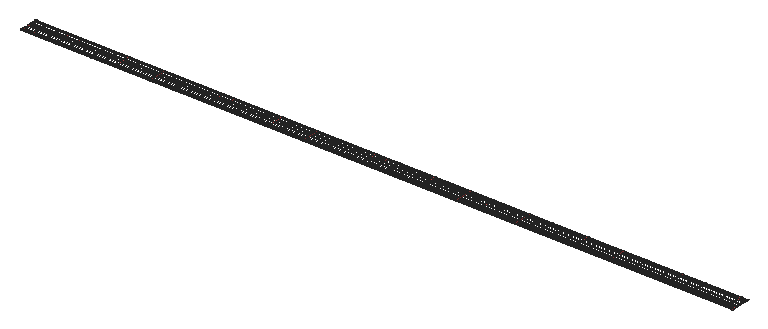
Revit family "Murfor Compact I-50 Masonry Reinforcement", category Specialty Equipment, Revit 2018
Family settings
  Round Connector Dimension = Use Diameter
  Part Type = Normal
  Work Plane-Based = No
  Always vertical = Yes
  Cut with Voids When Loaded = No
  Shared = No
  Room Calculation Point = No
Parameters (values of type "Murfor Compact I-50")
  Z = 51.5 mm
  Youngs Modulus - Gpa = 180
  Yield Strength - Mpa = 1770
  Y [instance] = X / 2  # 30
  X [instance] = Length L / Step c - 1  # 60
  Width - w = 50 mm
  Weight kg/ roll = "1.40kg per roll"
  URL = "https://www.bekaert.com/en/"
  Type Image = Murfor Compact I-50.PNG
  Type Comments = "A mesh consisting of 7 steel chords"
  Thickness - e = 1.8 mm
  Strain Agt = 2.2
  Step c = 33 mm
  Steel Section Total = 4.8 mm
  Pitch (short) - a = 7.5 mm
  Pitch (long) - b = 10 mm
  Material Coating Reference EN845-3 = "R20"
  Material = Murfor Galvanized Steel
  Manufacturer = "Bekaert"
  Longtidinal Cord = 0.7 mm
  Length L [instance] = 2000 mm
  Keynote = "Suitable for all mortar joints with thickness between 3mm & 12mm"
  Description = "Compact masonry reinforcement, steel chords on interwoven fibreglass roving"
  Datasheet = "https://www.bekaert.com/en/product-catalog/content/datasheets/Murfor-Compact"
  Application = "Murfor Compact I-50, made of Galvanized Steel, is suitable for masonry (clay bricks, concrete blocks) exposed to a dry environment (exposure class MX1, compliant with Eurocode 6?EN845-3)"
Reference planes
  plane 1 "Center (Front/Back)": y = 0
  plane 2: z = 0
  plane 3 "Center (Left/Right)": x = 0
  plane 4 "Center L/S": x = 2000
  plane 5 "Center L/T": y = 50
  plane 6 "Center L/U": y = 7.5
  plane 7 "Center L/V": y = 15
  plane 8 "Center L/W": y = 25
  plane 9 "Center L/X": y = 35
  plane 10 "Center L/Y": y = 42.5
  plane 11 "Center L/Z": y = -1.8
  plane 12 "Center L/AA": y = 51.8
  plane 13: z = 0.875
Lines and regions (mm)
  symbolic lines, style "Masonry Reinforcement"
    curve 1: line (0, 51.8, 0) -> (2000, 51.8, 0)
    curve 2: line (0, -1.8, 0) -> (0, 51.8, 0)
    curve 3: line (2000, -1.8, 0) -> (0, -1.8, 0)
    curve 4: line (2000, 51.8, 0) -> (2000, -1.8, 0)
    curve 5: line (0, 35, 0) -> (2000, 35, 0)
    curve 6: line (0, 25, 0) -> (2000, 25, 0)
    curve 7: line (0, 15, 0) -> (2000, 15, 0)
  symbolic lines
    curve 8: line (0, 0, 0) -> (33, 50.985, 0)
    curve 9: line (33, 50.985, 0) -> (66, -0.515, 0)
    curve 12: line (66, 0, 0) -> (99, 50.985, 0)
    curve 13: line (99, 50.985, 0) -> (132, -0.515, 0)
    curve 14: line (132, 0, 0) -> (165, 50.985, 0)
    curve 15: line (165, 50.985, 0) -> (198, -0.515, 0)
    curve 16: line (198, 0, 0) -> (231, 50.985, 0)
    curve 17: line (231, 50.985, 0) -> (264, -0.515, 0)
    curve 18: line (264, 0, 0) -> (297, 50.985, 0)
    curve 19: line (297, 50.985, 0) -> (330, -0.515, 0)
    curve 20: line (330, 0, 0) -> (363, 50.985, 0)
    curve 21: line (363, 50.985, 0) -> (396, -0.515, 0)
    curve 22: line (396, 0, 0) -> (429, 50.985, 0)
    curve 23: line (429, 50.985, 0) -> (462, -0.515, 0)
    curve 24: line (462, 0, 0) -> (495, 50.985, 0)
    curve 25: line (495, 50.985, 0) -> (528, -0.515, 0)
    curve 26: line (528, 0, 0) -> (561, 50.985, 0)
    curve 27: line (561, 50.985, 0) -> (594, -0.515, 0)
    curve 28: line (594, 0, 0) -> (627, 50.985, 0)
    curve 29: line (627, 50.985, 0) -> (660, -0.515, 0)
    curve 30: line (660, 0, 0) -> (693, 50.985, 0)
    curve 31: line (693, 50.985, 0) -> (726, -0.515, 0)
    curve 32: line (726, 0, 0) -> (759, 50.985, 0)
    curve 33: line (759, 50.985, 0) -> (792, -0.515, 0)
    curve 34: line (792, 0, 0) -> (825, 50.985, 0)
    curve 35: line (825, 50.985, 0) -> (858, -0.515, 0)
    curve 36: line (858, 0, 0) -> (891, 50.985, 0)
    curve 37: line (891, 50.985, 0) -> (924, -0.515, 0)
    curve 38: line (924, 0, 0) -> (957, 50.985, 0)
    curve 39: line (957, 50.985, 0) -> (990, -0.515, 0)
    curve 40: line (990, 0, 0) -> (1023, 50.985, 0)
    curve 41: line (1023, 50.985, 0) -> (1056, -0.515, 0)
    curve 42: line (1056, 0, 0) -> (1089, 50.985, 0)
    curve 43: line (1089, 50.985, 0) -> (1122, -0.515, 0)
    curve 44: line (1122, 0, 0) -> (1155, 50.985, 0)
    curve 45: line (1155, 50.985, 0) -> (1188, -0.515, 0)
    curve 46: line (1188, 0, 0) -> (1221, 50.985, 0)
    curve 47: line (1221, 50.985, 0) -> (1254, -0.515, 0)
    curve 48: line (1254, 0, 0) -> (1287, 50.985, 0)
    curve 49: line (1287, 50.985, 0) -> (1320, -0.515, 0)
    curve 50: line (1320, 0, 0) -> (1353, 50.985, 0)
    curve 51: line (1353, 50.985, 0) -> (1386, -0.515, 0)
    curve 52: line (1386, 0, 0) -> (1419, 50.985, 0)
    curve 53: line (1419, 50.985, 0) -> (1452, -0.515, 0)
    curve 54: line (1452, 0, 0) -> (1485, 50.985, 0)
    curve 55: line (1485, 50.985, 0) -> (1518, -0.515, 0)
    curve 56: line (1518, 0, 0) -> (1551, 50.985, 0)
    curve 57: line (1551, 50.985, 0) -> (1584, -0.515, 0)
    curve 58: line (1584, 0, 0) -> (1617, 50.985, 0)
    curve 59: line (1617, 50.985, 0) -> (1650, -0.515, 0)
    curve 60: line (1650, 0, 0) -> (1683, 50.985, 0)
    curve 61: line (1683, 50.985, 0) -> (1716, -0.515, 0)
    curve 62: line (1716, 0, 0) -> (1749, 50.985, 0)
    curve 63: line (1749, 50.985, 0) -> (1782, -0.515, 0)
    curve 64: line (1782, 0, 0) -> (1815, 50.985, 0)
    curve 65: line (1815, 50.985, 0) -> (1848, -0.515, 0)
    curve 66: line (1848, 0, 0) -> (1881, 50.985, 0)
    curve 67: line (1881, 50.985, 0) -> (1914, -0.515, 0)
    curve 68: line (1914, 0, 0) -> (1947, 50.985, 0)
    curve 69: line (1947, 50.985, 0) -> (1980, -0.515, 0)
  symbolic lines, not visible
    curve 10: line (0, 0, 0) -> (33, 50.985, 0)
    curve 11: line (33, 50.985, 0) -> (66, -0.515, 0)
Dimensions and locks
  "Length L": plane 3 "Center (Left/Right)" to plane 4 "Center L/S"
  plane 1 "Center (Front/Back)" to plane 5 "Center L/T" = 50 mm
  "Pitch (short) - a": plane 1 "Center (Front/Back)" to plane 6 "Center L/U"
  "Pitch (short) - a": plane 6 "Center L/U" to plane 7 "Center L/V"
  "Pitch (short) - a": plane 10 "Center L/Y" to plane 5 "Center L/T"
  "Pitch (short) - a": plane 9 "Center L/X" to plane 10 "Center L/Y"
  "Pitch (long) - b": plane 8 "Center L/W" to plane 9 "Center L/X"
  "Pitch (long) - b": plane 7 "Center L/V" to plane 8 "Center L/W"
  "Thickness - e": plane 5 "Center L/T" to plane 12 "Center L/AA"
  "Thickness - e": plane 11 "Center L/Z" to plane 1 "Center (Front/Back)"
  "Step c": plane 3 "Center (Left/Right)" to nested 8
  nested 8 to level = 0 mm
  equal spacing: group 1, group 3, group 4, group 5, group 6, group 7, group 8, group 9, group 10, group 11, group 12, group 13, group 14, group 15, group 16, group 17, group 18, group 19, group 20, group 21, group 22, group 23, group 24, group 25, group 26, group 27, group 28, group 29, group 30, group 31  (x3)
  equal spacing: group 32, group 33, group 34, group 35, group 36, group 37, group 38, group 39, group 40, group 41, group 42, group 43, group 44, group 45, group 46, group 47, group 48, group 49, group 50, group 51, group 52, group 53, group 54, group 55, group 56, group 57, group 58, group 59, group 60, group 61, group 62, group 63, group 64, group 65, group 66, group 67, group 68, group 69, group 70, group 71, group 72, group 73, group 74, group 75, group 76, group 77, group 78, group 79, group 80, group 81, group 82, group 83, group 84, group 85, group 86, group 87, group 88, group 89, group 90, group 91  (x3)
  aligned and locked: level to plane 2
  aligned and locked: plane 1 "Center (Front/Back)" to nested 1
  aligned and locked: plane 3 "Center (Left/Right)" to nested 1
  aligned and locked: plane 5 "Center L/T" to nested 6
  aligned and locked: plane 3 "Center (Left/Right)" to nested 6
  aligned and locked: plane 3 "Center (Left/Right)" to nested 5
  aligned and locked: plane 3 "Center (Left/Right)" to nested 7
  aligned and locked: plane 3 "Center (Left/Right)" to nested 4
  aligned and locked: plane 3 "Center (Left/Right)" to nested 3
  aligned and locked: plane 3 "Center (Left/Right)" to nested 2
  aligned and locked: nested 1 to plane 3 "Center (Left/Right)"
  aligned and locked: plane 6 "Center L/U" to nested 2
  aligned and locked: plane 7 "Center L/V" to nested 3
  aligned and locked: plane 8 "Center L/W" to nested 4
  aligned and locked: plane 9 "Center L/X" to nested 7
  aligned and locked: plane 10 "Center L/Y" to nested 5
  aligned and locked: plane 4 "Center L/S" to nested 6
  aligned and locked: plane 4 "Center L/S" to nested 5
  aligned and locked: plane 4 "Center L/S" to nested 7
  aligned and locked: plane 4 "Center L/S" to nested 4
  aligned and locked: plane 4 "Center L/S" to nested 3
  aligned and locked: plane 4 "Center L/S" to nested 1
  aligned and locked: plane 4 "Center L/S" to nested 2
  aligned and locked: plane 12 "Center L/AA" to curve 1
  aligned and locked: plane 3 "Center (Left/Right)" to curve 2
  aligned and locked: curve 3 to plane 11 "Center L/Z"
  aligned and locked: curve 2 to curve 7
  aligned and locked: plane 4 "Center L/S" to curve 7
Automatic sketch dimensions
  plane 7 "Center L/V" to curve 7 = 0 mm
  plane 8 "Center L/W" to curve 6 = 0 mm
  plane 9 "Center L/X" to curve 5 = 0 mm
  curve 8 to curve 9 = 33 mm  (x2)
  curve 9 to curve 8 = 0.515 mm
  curve 8 to curve 9 = 50.985 mm
  curve 10 to curve 11 = 33 mm  (x2)
  curve 11 to curve 10 = 0.515 mm
  curve 10 to curve 11 = 50.985 mm
  curve 12 to curve 13 = 33 mm  (x2)
  curve 13 to curve 12 = 0.515 mm
  curve 12 to curve 13 = 50.985 mm
  curve 14 to curve 15 = 33 mm  (x2)
  curve 15 to curve 14 = 0.515 mm
  curve 14 to curve 15 = 50.985 mm
  curve 16 to curve 17 = 33 mm  (x2)
  curve 17 to curve 16 = 0.515 mm
  curve 16 to curve 17 = 50.985 mm
  curve 18 to curve 19 = 33 mm  (x2)
  curve 19 to curve 18 = 0.515 mm
  curve 18 to curve 19 = 50.985 mm
  curve 20 to curve 21 = 33 mm  (x2)
  curve 21 to curve 20 = 0.515 mm
  curve 20 to curve 21 = 50.985 mm
  curve 22 to curve 23 = 33 mm  (x2)
  curve 23 to curve 22 = 0.515 mm
  curve 22 to curve 23 = 50.985 mm
  curve 24 to curve 25 = 33 mm  (x2)
  curve 25 to curve 24 = 0.515 mm
  curve 24 to curve 25 = 50.985 mm
  curve 26 to curve 27 = 33 mm  (x2)
  curve 27 to curve 26 = 0.515 mm
  curve 26 to curve 27 = 50.985 mm
  curve 28 to curve 29 = 33 mm  (x2)
  curve 29 to curve 28 = 0.515 mm
  curve 28 to curve 29 = 50.985 mm
  curve 30 to curve 31 = 33 mm  (x2)
  curve 31 to curve 30 = 0.515 mm
  curve 30 to curve 31 = 50.985 mm
  curve 32 to curve 33 = 33 mm  (x2)
  curve 33 to curve 32 = 0.515 mm
  curve 32 to curve 33 = 50.985 mm
  curve 34 to curve 35 = 33 mm  (x2)
  curve 35 to curve 34 = 0.515 mm
  curve 34 to curve 35 = 50.985 mm
  curve 36 to curve 37 = 33 mm  (x2)
  curve 37 to curve 36 = 0.515 mm
  curve 36 to curve 37 = 50.985 mm
  curve 38 to curve 39 = 33 mm  (x2)
  curve 39 to curve 38 = 0.515 mm
  curve 38 to curve 39 = 50.985 mm
  curve 40 to curve 41 = 33 mm  (x2)
  curve 41 to curve 40 = 0.515 mm
  curve 40 to curve 41 = 50.985 mm
  curve 42 to curve 43 = 33 mm  (x2)
  curve 43 to curve 42 = 0.515 mm
  curve 42 to curve 43 = 50.985 mm
  curve 44 to curve 45 = 33 mm  (x2)
  curve 45 to curve 44 = 0.515 mm
  curve 44 to curve 45 = 50.985 mm
  curve 46 to curve 47 = 33 mm  (x2)
  curve 47 to curve 46 = 0.515 mm
  curve 46 to curve 47 = 50.985 mm
  curve 48 to curve 49 = 33 mm  (x2)
  curve 49 to curve 48 = 0.515 mm
  curve 48 to curve 49 = 50.985 mm
  curve 50 to curve 51 = 33 mm  (x2)
  curve 51 to curve 50 = 0.515 mm
  curve 50 to curve 51 = 50.985 mm
  curve 52 to curve 53 = 33 mm  (x2)
  curve 53 to curve 52 = 0.515 mm
  curve 52 to curve 53 = 50.985 mm
  curve 54 to curve 55 = 33 mm  (x2)
  curve 55 to curve 54 = 0.515 mm
  curve 54 to curve 55 = 50.985 mm
  curve 56 to curve 57 = 33 mm  (x2)
  curve 57 to curve 56 = 0.515 mm
  curve 56 to curve 57 = 50.985 mm
  curve 58 to curve 59 = 33 mm  (x2)
  curve 59 to curve 58 = 0.515 mm
  curve 58 to curve 59 = 50.985 mm
  curve 60 to curve 61 = 33 mm  (x2)
  curve 61 to curve 60 = 0.515 mm
  curve 60 to curve 61 = 50.985 mm
  curve 62 to curve 63 = 33 mm  (x2)
  curve 63 to curve 62 = 0.515 mm
  curve 62 to curve 63 = 50.985 mm
  curve 64 to curve 65 = 33 mm  (x2)
  curve 65 to curve 64 = 0.515 mm
  curve 64 to curve 65 = 50.985 mm
  curve 66 to curve 67 = 33 mm  (x2)
  curve 67 to curve 66 = 0.515 mm
  curve 66 to curve 67 = 50.985 mm
  curve 68 to curve 69 = 33 mm  (x2)
  curve 69 to curve 68 = 0.515 mm
  curve 68 to curve 69 = 50.985 mm
Nested families
  nested 1: "Murfor Cord Section" at (0, 0, 0), Material <- "Material", type "Murfor Cord Section"
    with Material Murfor Galvanized Steel, Length 2000 mm
  nested 2: "Murfor Cord Section" at (0, 7.5, 0), Material <- "Material", type "Murfor Cord Section"
    with Material Murfor Galvanized Steel, Length 2000 mm
  nested 3: "Murfor Cord Section" at (0, 15, 0), Material <- "Material", type "Murfor Cord Section"
    with Material Murfor Galvanized Steel, Length 2000 mm
  nested 4: "Murfor Cord Section" at (0, 25, 0), Material <- "Material", type "Murfor Cord Section"
    with Material Murfor Galvanized Steel, Length 2000 mm
  nested 5: "Murfor Cord Section" at (0, 42.5, 0), Material <- "Material", type "Murfor Cord Section"
    with Material Murfor Galvanized Steel, Length 2000 mm
  nested 6: "Murfor Cord Section" at (0, 50, 0), Material <- "Material", type "Murfor Cord Section"
    with Material Murfor Galvanized Steel, Length 2000 mm
  nested 7: "Murfor Cord Section" at (0, 35, 0), Material <- "Material", type "Murfor Cord Section"
    with Material Murfor Galvanized Steel, Length 2000 mm
  nested 8: "Murfor Cord Section" at (33, -0.515, 0) x (0, 1, 0) z (0, 0, 1), Length <- "Z", type "Murfor Cord Cross Section"
    with Material Murfor Galvanized Steel, Length 51.5 mm
  nested 9: "Murfor Cord Section" at (66, -0.515, 0) x (0, 1, 0) z (0, 0, 1), Length <- "Z", type "Murfor Cord Cross Section"
    with Material Murfor Galvanized Steel, Length 51.5 mm
  nested 10: "Murfor Cord Section" at (99, -0.515, 0) x (0, 1, 0) z (0, 0, 1), Length <- "Z", type "Murfor Cord Cross Section"
    with Material Murfor Galvanized Steel, Length 51.5 mm
  nested 11: "Murfor Cord Section" at (132, -0.515, 0) x (0, 1, 0) z (0, 0, 1), Length <- "Z", type "Murfor Cord Cross Section"
    with Material Murfor Galvanized Steel, Length 51.5 mm
  nested 12: "Murfor Cord Section" at (165, -0.515, 0) x (0, 1, 0) z (0, 0, 1), Length <- "Z", type "Murfor Cord Cross Section"
    with Material Murfor Galvanized Steel, Length 51.5 mm
  nested 13: "Murfor Cord Section" at (198, -0.515, 0) x (0, 1, 0) z (0, 0, 1), Length <- "Z", type "Murfor Cord Cross Section"
    with Material Murfor Galvanized Steel, Length 51.5 mm
  nested 14: "Murfor Cord Section" at (231, -0.515, 0) x (0, 1, 0) z (0, 0, 1), Length <- "Z", type "Murfor Cord Cross Section"
    with Material Murfor Galvanized Steel, Length 51.5 mm
  nested 15: "Murfor Cord Section" at (264, -0.515, 0) x (0, 1, 0) z (0, 0, 1), Length <- "Z", type "Murfor Cord Cross Section"
    with Material Murfor Galvanized Steel, Length 51.5 mm
  nested 16: "Murfor Cord Section" at (297, -0.515, 0) x (0, 1, 0) z (0, 0, 1), Length <- "Z", type "Murfor Cord Cross Section"
    with Material Murfor Galvanized Steel, Length 51.5 mm
  nested 17: "Murfor Cord Section" at (330, -0.515, 0) x (0, 1, 0) z (0, 0, 1), Length <- "Z", type "Murfor Cord Cross Section"
    with Material Murfor Galvanized Steel, Length 51.5 mm
  nested 18: "Murfor Cord Section" at (363, -0.515, 0) x (0, 1, 0) z (0, 0, 1), Length <- "Z", type "Murfor Cord Cross Section"
    with Material Murfor Galvanized Steel, Length 51.5 mm
  nested 19: "Murfor Cord Section" at (396, -0.515, 0) x (0, 1, 0) z (0, 0, 1), Length <- "Z", type "Murfor Cord Cross Section"
    with Material Murfor Galvanized Steel, Length 51.5 mm
  nested 20: "Murfor Cord Section" at (429, -0.515, 0) x (0, 1, 0) z (0, 0, 1), Length <- "Z", type "Murfor Cord Cross Section"
    with Material Murfor Galvanized Steel, Length 51.5 mm
  nested 21: "Murfor Cord Section" at (462, -0.515, 0) x (0, 1, 0) z (0, 0, 1), Length <- "Z", type "Murfor Cord Cross Section"
    with Material Murfor Galvanized Steel, Length 51.5 mm
  nested 22: "Murfor Cord Section" at (495, -0.515, 0) x (0, 1, 0) z (0, 0, 1), Length <- "Z", type "Murfor Cord Cross Section"
    with Material Murfor Galvanized Steel, Length 51.5 mm
  nested 23: "Murfor Cord Section" at (528, -0.515, 0) x (0, 1, 0) z (0, 0, 1), Length <- "Z", type "Murfor Cord Cross Section"
    with Material Murfor Galvanized Steel, Length 51.5 mm
  nested 24: "Murfor Cord Section" at (561, -0.515, 0) x (0, 1, 0) z (0, 0, 1), Length <- "Z", type "Murfor Cord Cross Section"
    with Material Murfor Galvanized Steel, Length 51.5 mm
  nested 25: "Murfor Cord Section" at (594, -0.515, 0) x (0, 1, 0) z (0, 0, 1), Length <- "Z", type "Murfor Cord Cross Section"
    with Material Murfor Galvanized Steel, Length 51.5 mm
  nested 26: "Murfor Cord Section" at (627, -0.515, 0) x (0, 1, 0) z (0, 0, 1), Length <- "Z", type "Murfor Cord Cross Section"
    with Material Murfor Galvanized Steel, Length 51.5 mm
  nested 27: "Murfor Cord Section" at (660, -0.515, 0) x (0, 1, 0) z (0, 0, 1), Length <- "Z", type "Murfor Cord Cross Section"
    with Material Murfor Galvanized Steel, Length 51.5 mm
  nested 28: "Murfor Cord Section" at (693, -0.515, 0) x (0, 1, 0) z (0, 0, 1), Length <- "Z", type "Murfor Cord Cross Section"
    with Material Murfor Galvanized Steel, Length 51.5 mm
  nested 29: "Murfor Cord Section" at (726, -0.515, 0) x (0, 1, 0) z (0, 0, 1), Length <- "Z", type "Murfor Cord Cross Section"
    with Material Murfor Galvanized Steel, Length 51.5 mm
  nested 30: "Murfor Cord Section" at (759, -0.515, 0) x (0, 1, 0) z (0, 0, 1), Length <- "Z", type "Murfor Cord Cross Section"
    with Material Murfor Galvanized Steel, Length 51.5 mm
  nested 31: "Murfor Cord Section" at (792, -0.515, 0) x (0, 1, 0) z (0, 0, 1), Length <- "Z", type "Murfor Cord Cross Section"
    with Material Murfor Galvanized Steel, Length 51.5 mm
  nested 32: "Murfor Cord Section" at (825, -0.515, 0) x (0, 1, 0) z (0, 0, 1), Length <- "Z", type "Murfor Cord Cross Section"
    with Material Murfor Galvanized Steel, Length 51.5 mm
  nested 33: "Murfor Cord Section" at (858, -0.515, 0) x (0, 1, 0) z (0, 0, 1), Length <- "Z", type "Murfor Cord Cross Section"
    with Material Murfor Galvanized Steel, Length 51.5 mm
  nested 34: "Murfor Cord Section" at (891, -0.515, 0) x (0, 1, 0) z (0, 0, 1), Length <- "Z", type "Murfor Cord Cross Section"
    with Material Murfor Galvanized Steel, Length 51.5 mm
  nested 35: "Murfor Cord Section" at (924, -0.515, 0) x (0, 1, 0) z (0, 0, 1), Length <- "Z", type "Murfor Cord Cross Section"
    with Material Murfor Galvanized Steel, Length 51.5 mm
  nested 36: "Murfor Cord Section" at (957, -0.515, 0) x (0, 1, 0) z (0, 0, 1), Length <- "Z", type "Murfor Cord Cross Section"
    with Material Murfor Galvanized Steel, Length 51.5 mm
  nested 37: "Murfor Cord Section" at (990, -0.515, 0) x (0, 1, 0) z (0, 0, 1), Length <- "Z", type "Murfor Cord Cross Section"
    with Material Murfor Galvanized Steel, Length 51.5 mm
  nested 38: "Murfor Cord Section" at (1023, -0.515, 0) x (0, 1, 0) z (0, 0, 1), Length <- "Z", type "Murfor Cord Cross Section"
    with Material Murfor Galvanized Steel, Length 51.5 mm
  nested 39: "Murfor Cord Section" at (1056, -0.515, 0) x (0, 1, 0) z (0, 0, 1), Length <- "Z", type "Murfor Cord Cross Section"
    with Material Murfor Galvanized Steel, Length 51.5 mm
  nested 40: "Murfor Cord Section" at (1089, -0.515, 0) x (0, 1, 0) z (0, 0, 1), Length <- "Z", type "Murfor Cord Cross Section"
    with Material Murfor Galvanized Steel, Length 51.5 mm
  nested 41: "Murfor Cord Section" at (1122, -0.515, 0) x (0, 1, 0) z (0, 0, 1), Length <- "Z", type "Murfor Cord Cross Section"
    with Material Murfor Galvanized Steel, Length 51.5 mm
  nested 42: "Murfor Cord Section" at (1155, -0.515, 0) x (0, 1, 0) z (0, 0, 1), Length <- "Z", type "Murfor Cord Cross Section"
    with Material Murfor Galvanized Steel, Length 51.5 mm
  nested 43: "Murfor Cord Section" at (1188, -0.515, 0) x (0, 1, 0) z (0, 0, 1), Length <- "Z", type "Murfor Cord Cross Section"
    with Material Murfor Galvanized Steel, Length 51.5 mm
  nested 44: "Murfor Cord Section" at (1221, -0.515, 0) x (0, 1, 0) z (0, 0, 1), Length <- "Z", type "Murfor Cord Cross Section"
    with Material Murfor Galvanized Steel, Length 51.5 mm
  nested 45: "Murfor Cord Section" at (1254, -0.515, 0) x (0, 1, 0) z (0, 0, 1), Length <- "Z", type "Murfor Cord Cross Section"
    with Material Murfor Galvanized Steel, Length 51.5 mm
  nested 46: "Murfor Cord Section" at (1287, -0.515, 0) x (0, 1, 0) z (0, 0, 1), Length <- "Z", type "Murfor Cord Cross Section"
    with Material Murfor Galvanized Steel, Length 51.5 mm
  nested 47: "Murfor Cord Section" at (1320, -0.515, 0) x (0, 1, 0) z (0, 0, 1), Length <- "Z", type "Murfor Cord Cross Section"
    with Material Murfor Galvanized Steel, Length 51.5 mm
  nested 48: "Murfor Cord Section" at (1353, -0.515, 0) x (0, 1, 0) z (0, 0, 1), Length <- "Z", type "Murfor Cord Cross Section"
    with Material Murfor Galvanized Steel, Length 51.5 mm
  nested 49: "Murfor Cord Section" at (1386, -0.515, 0) x (0, 1, 0) z (0, 0, 1), Length <- "Z", type "Murfor Cord Cross Section"
    with Material Murfor Galvanized Steel, Length 51.5 mm
  nested 50: "Murfor Cord Section" at (1419, -0.515, 0) x (0, 1, 0) z (0, 0, 1), Length <- "Z", type "Murfor Cord Cross Section"
    with Material Murfor Galvanized Steel, Length 51.5 mm
  nested 51: "Murfor Cord Section" at (1452, -0.515, 0) x (0, 1, 0) z (0, 0, 1), Length <- "Z", type "Murfor Cord Cross Section"
    with Material Murfor Galvanized Steel, Length 51.5 mm
  nested 52: "Murfor Cord Section" at (1485, -0.515, 0) x (0, 1, 0) z (0, 0, 1), Length <- "Z", type "Murfor Cord Cross Section"
    with Material Murfor Galvanized Steel, Length 51.5 mm
  nested 53: "Murfor Cord Section" at (1518, -0.515, 0) x (0, 1, 0) z (0, 0, 1), Length <- "Z", type "Murfor Cord Cross Section"
    with Material Murfor Galvanized Steel, Length 51.5 mm
  nested 54: "Murfor Cord Section" at (1551, -0.515, 0) x (0, 1, 0) z (0, 0, 1), Length <- "Z", type "Murfor Cord Cross Section"
    with Material Murfor Galvanized Steel, Length 51.5 mm
  nested 55: "Murfor Cord Section" at (1584, -0.515, 0) x (0, 1, 0) z (0, 0, 1), Length <- "Z", type "Murfor Cord Cross Section"
    with Material Murfor Galvanized Steel, Length 51.5 mm
  nested 56: "Murfor Cord Section" at (1617, -0.515, 0) x (0, 1, 0) z (0, 0, 1), Length <- "Z", type "Murfor Cord Cross Section"
    with Material Murfor Galvanized Steel, Length 51.5 mm
  nested 57: "Murfor Cord Section" at (1650, -0.515, 0) x (0, 1, 0) z (0, 0, 1), Length <- "Z", type "Murfor Cord Cross Section"
    with Material Murfor Galvanized Steel, Length 51.5 mm
  nested 58: "Murfor Cord Section" at (1683, -0.515, 0) x (0, 1, 0) z (0, 0, 1), Length <- "Z", type "Murfor Cord Cross Section"
    with Material Murfor Galvanized Steel, Length 51.5 mm
  nested 59: "Murfor Cord Section" at (1716, -0.515, 0) x (0, 1, 0) z (0, 0, 1), Length <- "Z", type "Murfor Cord Cross Section"
    with Material Murfor Galvanized Steel, Length 51.5 mm
  nested 60: "Murfor Cord Section" at (1749, -0.515, 0) x (0, 1, 0) z (0, 0, 1), Length <- "Z", type "Murfor Cord Cross Section"
    with Material Murfor Galvanized Steel, Length 51.5 mm
  nested 61: "Murfor Cord Section" at (1782, -0.515, 0) x (0, 1, 0) z (0, 0, 1), Length <- "Z", type "Murfor Cord Cross Section"
    with Material Murfor Galvanized Steel, Length 51.5 mm
  nested 62: "Murfor Cord Section" at (1815, -0.515, 0) x (0, 1, 0) z (0, 0, 1), Length <- "Z", type "Murfor Cord Cross Section"
    with Material Murfor Galvanized Steel, Length 51.5 mm
  nested 63: "Murfor Cord Section" at (1848, -0.515, 0) x (0, 1, 0) z (0, 0, 1), Length <- "Z", type "Murfor Cord Cross Section"
    with Material Murfor Galvanized Steel, Length 51.5 mm
  nested 64: "Murfor Cord Section" at (1881, -0.515, 0) x (0, 1, 0) z (0, 0, 1), Length <- "Z", type "Murfor Cord Cross Section"
    with Material Murfor Galvanized Steel, Length 51.5 mm
  nested 65: "Murfor Cord Section" at (1914, -0.515, 0) x (0, 1, 0) z (0, 0, 1), Length <- "Z", type "Murfor Cord Cross Section"
    with Material Murfor Galvanized Steel, Length 51.5 mm
  nested 66: "Murfor Cord Section" at (1947, -0.515, 0) x (0, 1, 0) z (0, 0, 1), Length <- "Z", type "Murfor Cord Cross Section"
    with Material Murfor Galvanized Steel, Length 51.5 mm
  nested 67: "Murfor Cord Section" at (1980, -0.515, 0) x (0, 1, 0) z (0, 0, 1), Length <- "Z", type "Murfor Cord Cross Section"
    with Material Murfor Galvanized Steel, Length 51.5 mm
Definition of nested family "Murfor Cord Section"
  Parameters (values of type "Murfor Cord Section")
    Thickness - e = 1.75 mm
    Material [instance] = none
    Length [instance] = 1000 mm
  Types (2, lengths in mm): name | Thickness - e
    Murfor Cord Section | 1.75
    Murfor Cord Cross Section | 0.9
  Reference planes
    plane 1 "Center (Front/Back)": y = 0
    plane 2: z = 0
    plane 3 "Center (Left/Right)": x = 0
    plane 4: x = 1000
  Forms (mm)
    Extrusion 1, solid, material <- "Material"
      sketch origin (0, 0, 0) x (0, 1, 0) y (0, 0, 1)
        loop
          circle (0, 0) r 0.875
      from 0 to 1000
  Dimensions and locks
    "Length": plane 3 "Center (Left/Right)" to plane 4
    "Thickness - e": diameter of Extrusion 1 sketch curve
    aligned and locked: level to plane 2
    aligned and locked: Extrusion 1 to plane 3 "Center (Left/Right)"
    aligned and locked: plane 4 to Extrusion 1
  Automatic sketch dimensions
    Extrusion 1 sketch curve to level = 0 mm
    Extrusion 1 sketch curve to plane 1 "Center (Front/Back)" = 0 mm
